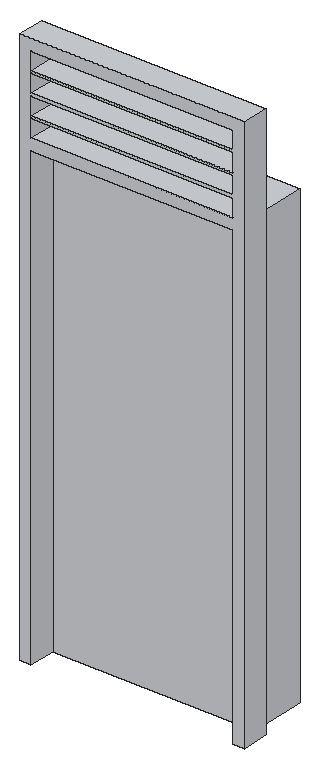
Revit family "DoorSingleBv", category Doors, host Wall, Revit 2022
Family settings
  Host = Wall
  OmniClass Number = 23.30.10.00
  OmniClass Title = Doors
  Always vertical = Yes
  Cut with Voids When Loaded = No
  Shared = No
  Room Calculation Point = No
Parameters (values of type "pintu 100 x 210 bv 40")
  panelWidth = Width - (2 * Frame Thickness)  # 900 mm
  panelHeight = Height - Frame Thickness  # 2050 mm
  a_width = Width - (2 * Frame Thickness)  # 900 mm
  Function = Interior
  Frame Width = 120 mm
  Frame Thickness = 50 mm
  Height = 2100 mm
  Wall Closure = By host
  Width = 1000 mm
  BvPlank = 10 mm
  Bv Height = 400 mm
Reference planes
  plane 1: y = 0
  plane 2 "Center (Left/Right)": x = 0
  plane 3 "Left": x = -500
  plane 4 "Right": x = 500
  plane 5: z = 2100
  plane 6 "Exterior": y = 75
  plane 7 "Interior": y = -75
  plane 8: z = 2500
  plane 9: z = 2275
  plane 10: z = 2450
  plane 11: z = 2365
  plane 12: z = 2455
  plane 13: z = 2185
  plane 14: z = 2095
  plane 15: z = 2460
  plane 16: z = 2090
Forms (mm)
  Extrusion 1, solid
    sketch origin (-3055, -90, 0) x (1, 0, 0) y (0, 0, 1)
      loop
        line (2605, 0) -> (2605, 2050) -> (3505, 2050) -> (3505, 0) -> (3555, 0) -> (3555, 2500) -> (2555, 2500) -> (2555, 0) -> (2605, 0)
      loop
        line (3505, 2450) -> (2605, 2450) -> (2605, 2370) -> (3505, 2370) -> (3505, 2450)
      loop
        line (3505, 2100) -> (3505, 2180) -> (2605, 2180) -> (2605, 2100) -> (3505, 2100)
      loop
        line (2605, 2360) -> (2605, 2280) -> (3505, 2280) -> (3505, 2360) -> (2605, 2360)
      loop
        line (2605, 2270) -> (2605, 2190) -> (3505, 2190) -> (3505, 2270) -> (2605, 2270)
    from -150 to -30
  Extrusion 2, solid
    sketch origin (-3055, 60, 0) x (-1, 0, 0) y (0, 0, 1)
      loop
        line (-2605, 2050) -> (-3505, 2050) -> (-3505, 0) -> (-2605, 0) -> (-2605, 2050)
    from 0 to 250
Lines and regions (mm)
  Opening 1
    outline origin (-3050, -75, 0) x (1, 0, 0) y (0, 0, 1)
      loop
        line (2550, 0) -> (3550, 0) -> (3550, 2500) -> (2550, 2500) -> (2550, 0)
  Masking region 1
    outline origin (0, 0, 0) x (1, 0, 0) y (0, 1, 0)
      loop
        line (-500, 60) -> (-500, -60) -> (-450, -60) -> (-450, 60) -> (-500, 60)
      loop
        line (450, 60) -> (450, -60) -> (500, -60) -> (500, 60) -> (450, 60)
  Masking region 2
    outline origin (-390, 510, 0) x (0, 1, 0) y (-1, 0, 0)
      loop
        line (-450, 60) -> (-450, 30) -> (450, 30) -> (450, 60) -> (-450, 60)
  symbolic lines, style "Elevation Swing"
    curve 1: line (-450, -75, 2050) -> (450, -75, 1025)
    curve 2: line (-450, -75, 0) -> (450, -75, 1025)
  symbolic lines, style "Plan Swing"
    curve 3: arc (-450, 960, 0) -> (186.396, 696.396, 0) -> (450, 60, 0) r 900
Text (mm)
  text "Exterior" at (-1376.75, 1099.543, 0), in view "Ref. Level"
  text "Exterior" at (0, 1615.38, 3698.081), in view "Left"
  text "Exterior" at (0, 1036.032, 3874.932), in view "Right"
Dimensions and locks
  equal spacing: plane 3 "Left", plane 2 "Center (Left/Right)", plane 4 "Right"
  "Width": plane 3 "Left" to plane 4 "Right"
  host wall to plane 5 = 2100 mm
  "Frame Width": Extrusion 1 to Extrusion 1
  "Frame Thickness": Extrusion 1 sketch curve to plane 3 "Left"
  "Frame Thickness": Extrusion 1 sketch curve to plane 4 "Right"
  "Frame Thickness": plane 5 to Extrusion 1 sketch curve
  locked: plane 6 "Exterior" to host wall
  locked: plane 7 "Interior" to host wall
  equal spacing: Extrusion 1, host wall, Extrusion 1
  "Frame Thickness": plane 8 to Extrusion 1 sketch curve
  "Bv Height": plane 8 to plane 5
  "BvPlank": Extrusion 1 sketch curve to Extrusion 1 sketch curve  (x3)
  "Frame Thickness": plane 8 to plane 10
  equal spacing: plane 12, plane 11, plane 9, plane 13, plane 14
  equal spacing: Extrusion 1 sketch curve, plane 9, Extrusion 1 sketch curve
  equal spacing: plane 15, plane 12, plane 10
  equal spacing: Extrusion 1 sketch curve, plane 11, Extrusion 1 sketch curve
  equal spacing: Extrusion 1 sketch curve, plane 13, Extrusion 1 sketch curve
  "BvPlank": plane 15 to plane 10
  equal spacing: plane 5, plane 14, plane 16
  "BvPlank": plane 5 to plane 16
  "Height": plane 5 to level
  equal spacing: Extrusion 1, curve 2, level
  "a_width": Masking region 2 sketch curve to Masking region 2 sketch curve
  locked: Masking region 2 sketch curve to Masking region 2 sketch curve at 30
  equal spacing: Extrusion 2 sketch curve, plane 2 "Center (Left/Right)", Extrusion 2 sketch curve
  "panelWidth": Extrusion 2 sketch curve to Extrusion 2 sketch curve
  "panelHeight": Extrusion 2 sketch curve to Extrusion 2 sketch curve
  aligned and locked: plane 3 "Left" to Opening 1 sketch curve
  aligned and locked: Opening 1 sketch curve to plane 4 "Right"
  aligned and locked: Opening 1 sketch curve to level
  aligned and locked: level to Extrusion 1 sketch curve
  aligned and locked: plane 5 to Extrusion 1 sketch curve
  aligned and locked: Extrusion 1 sketch curve to plane 4 "Right"
  aligned and locked: plane 3 "Left" to Extrusion 1 sketch curve
  aligned and locked: plane 1 to host wall
  aligned and locked: plane 8 to Extrusion 1 sketch curve
  aligned and locked: plane 8 to Opening 1 sketch curve
  aligned and locked: Extrusion 1 sketch curve to Extrusion 1 sketch curve  (x8)
  aligned and locked: Extrusion 1 to curve 1
  aligned and locked: curve 2 to Extrusion 1
  aligned and locked: Masking region 1 sketch curve to Extrusion 1  (x8)
  aligned and locked: Masking region 2 to Extrusion 1  (x2)
  aligned and locked: curve 3 to Masking region 2
  aligned and locked: curve 3 to Extrusion 1
  aligned and locked: level to Extrusion 2 sketch curve
Automatic sketch dimensions
  Extrusion 1 sketch curve to level = 0 mm
  curve 2 to level = 0 mm
  plane 4 "Right" to curve 2 = 50 mm
  plane 5 to curve 1 = 50 mm
  Masking region 2 sketch curve to host wall = 15 mm
  Masking region 2 sketch curve to plane 3 "Left" = 80 mm
  curve 3 to host wall = 15 mm
